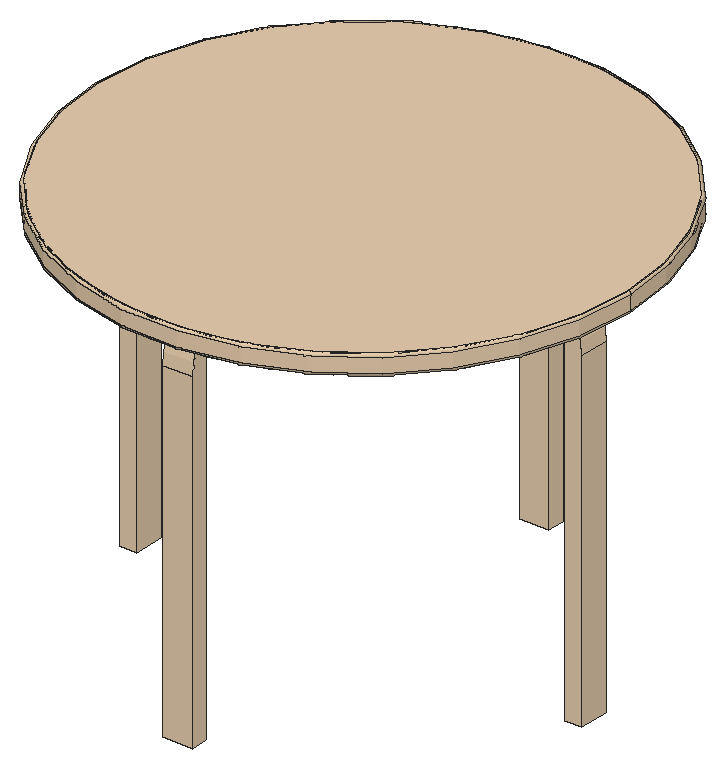
Revit family "Artek_Tables_Aalto Table round_Aalto Table round 90A", category Furniture, Revit 2017
Family settings
  OmniClass Number = 23.40.20.14.17.11
  OmniClass Title = Dining Room Tables
  Work Plane-Based = No
  Always vertical = Yes
  Cut with Voids When Loaded = No
  Shared = No
  Room Calculation Point = No
Parameters (values of type "Aalto Table round 90A Birch")
  WarrantyStartDate [instance] = "n/a"
  WarrantyGuarantorParts = "n/a"
  WarrantyGuarantorLabor = "n/a"
  WarrantyDurationUnit = "n/a"
  WarrantyDurationParts = "n/a"
  WarrantyDurationLabor = "n/a"
  WarrantyDescription = "n/a"
  VersionDate = "03/11/2020"  # constant formula
  Version = "1"  # constant formula
  Uniclass2015Reference = "Pr_40_50_21_22"
  Uniclass2015Description = "Dining tables"
  Uniclass2 = "Pr_40_50_21_21"
  URL = "https://www.artek.fi/en/products/aalto-table-round"
  Type Comments = ""
  TagNumber [instance] = "n/a"
  TableSecondaryMaterial = Natural Birch
  TableMainMaterial = Natural Birch
  SustainabilityPerformance = "n/a"
  Style = "n/a"
  Size = "1000x740x1000 mm "  # constant formula
  Shape = "Sculptured"
  SerialNumber [instance] = "n/a"
  Revision = "n/a"
  ReplacementCost = "n/a"
  ProductInformation = "n/a"
  NominalLength = 1000 mm  # constant formula
  NominalHeight = 740 mm  # constant formula
  NominalDepth = 1000 mm  # constant formula
  Name = "Aalto Table round 90A\r\n"  # constant formula
  NBSReference = "45-35-86/327"
  NBSDescription = "Tables"
  ModelReference = "n/a"
  ModelNumber = "28301781"
  Material = "Wood"
  ManufacturerURL = "https://www.artek.fi/"
  ManufacturerName = "Artek"
  Model = "Aalto Table round 90A Birch"
  Manufacturer = "Artek"
  MainColor = "Natural birch"
  InstallationDate [instance] = "n/a"
  IfcExportType = "TABLE"  # constant formula
  IfcExportAs = "IfcFurnishingElementType"  # constant formula
  Grade = "n/a"
  Finish = "n/a"
  Features = "n/a"
  ExpectedLife = "n/a"
  DurationUnit = "n/a"
  Designer = "Alvar Aalto"
  Description = ""
  Cost = 0
  ConvergoRefNr = "0190-2009-0018-FI\t\t\r\n"  # constant formula
  Constituents = "n/a"
  Color = MainColor  # "Natural birch"
  CodePerformance = "n/a"
  Barcode [instance] = "n/a"
  AssetIdentifier [instance] = "n/a"
  Category = "Tables"
  Brand = "Artek"
  BIMObjectName = "Artek_Tables_Aalto Table round_Aalto Table round 90A"  # constant formula
  Author = "Convergo AB"  # constant formula
  AssetType = "Movable"
  AccessibilityPerformance = "n/a"
Types (7, lengths in mm): name | TableSecondaryMaterial | TableMainMaterial | ModelNumber | Model | MainColor | Color
  (no name) | Natural Birch | Natural Birch | "28301781" | "Aalto Table round 90A Birch" | "Natural birch" | "Natural birch"
  Aalto Table round 90A Birch | Natural Birch | Natural Birch | "28301781" | "Aalto Table round 90A Birch" | "Natural birch" | "Natural birch"
  Aalto Table round 90A White laminate | Natural Birch | White Laminate | "28301782" | "Aalto Table round 90A White laminate" | "Natural birch" | "Natural birch"
  Aalto Table round 90A Black linoleum | Natural Birch | Black Linoleum | "28301783" | "Aalto Table round 90A Black linoleum" | "Natural birch" | "Natural birch"
  Aalto Table round 90A Linoleum Black leg black | Black Linoleum | Black Linoleum | "28301784" | "Aalto Table round 90A Linoleum Black leg black" | "Black" | "Black"
  Aalto Table round 90A White HPL leg white | White Laminate | White Laminate | "28301784" | "Aalto Table round 90A White HPL leg white" | "White" | "White"
  Aalto Table round 90A Walnut | Walnut | Walnut | "28301784" | "Aalto Table round 90A Walnut" | "Walnut" | "Walnut"
Reference planes
  plane 1 "Center (Front/Back)": y = 0
  plane 2: z = 0
  plane 3 "Center (Left/Right)": x = 0
  plane 4: x = -500
  plane 5: x = 500
  plane 6: y = -500
  plane 7: y = 500
  plane 8: z = 740
Dimensions and locks
  equal spacing: plane 4, plane 3 "Center (Left/Right)", plane 5
  "NominalLength": plane 4 to plane 5
  equal spacing: plane 7, plane 1 "Center (Front/Back)", plane 6
  "NominalDepth": plane 7 to plane 6
  "NominalHeight": plane 8 to level
  aligned and locked: level to plane 2
Nested families
  nested 1: "90A" at (0, -0.002, 0), Material 1 <- "TableMainMaterial", Material 2 <- "TableSecondaryMaterial", type "90A"
    with Material 2 Natural Birch, Material 1 Natural Birch
Definition of nested family "90A"
  Parameters (values of type "90A")
    Material 2 [instance] = none
    Material 1 [instance] = none
  Reference planes
    plane 1 "Center (Front/Back)": y = 0
    plane 2: z = 0
    plane 3 "Center (Left/Right)": x = 0
    plane 4: x = -500
    plane 5: x = 500
    plane 6: y = -500
    plane 7: y = 500
    plane 8: z = 740
    plane 9: z = 703
  Forms (mm)
    Extrusion 1, solid, material <- "Material 2", detail levels medium+fine
      sketch origin (0, 0, 0) x (1, 0, 0) y (0, 1, 0)
        loop
          circle (0, 0) r 500
        loop
          circle (0, 0) r 495
      from 703 to 740
    Sweep 2, void
      path in 3D
        loop
          arc (500, 0, 740) -> (0, -500, 740) -> (-500, 0, 740) r 500
          arc (-500, 0, 740) -> (0, 500, 740) -> (500, 0, 740) r 500
      profile origin (0, 500, 740) x (0, 1, 0) y (0, 0, 1)
        loop
          line (0, 0) -> (-5, 0)
          arc (-5, 0) -> (-1.464, -1.464) -> (0, -5) r 5
          line (0, -5) -> (0, 0)
        loop
          line (0, -37) -> (0, -32)
          arc (0, -32) -> (-1.464, -35.536) -> (-5, -37) r 5
          line (-5, -37) -> (0, -37)
    Extrusion 3, solid, material <- "Material 2", detail levels medium+fine
      sketch origin (0, 0, 0) x (1, 0, 0) y (0, 1, 0)
        loop
          circle (0, 0) r 495
      from 703 to 740
    Extrusion 4, solid, material <- "Material 2", detail levels medium+fine
      sketch origin (0, 141.8, 0) x (0, 1, 0) y (0, 0, 1)
        loop
          line (137, 703) -> (137, 675.5) -> (223.8, 675.5)
          arc (223.8, 675.5) -> (236.556, 673.087) -> (247.8, 666.6) r 38.778
          arc (247.8, 666.6) -> (251.484, 662.691) -> (254.1, 658) r 21.794
          arc (254.1, 658) -> (257.016, 648.188) -> (258, 638) r 53.232
          line (258, 638) -> (258, 0) -> (290, 0) -> (290, 620.6)
          arc (290, 620.6) -> (288.01, 643.74) -> (282.1, 666.2) r 135.555
          arc (282.1, 666.2) -> (265.478, 690.328) -> (239.06, 703) r 56.952
          line (239.06, 703) -> (137, 703)
      from -27.5 to 27.5
    Extrusion 5, solid, material <- "Material 2", detail levels medium+fine
      sketch origin (0, -141.8, 0) x (0, -1, 0) y (0, 0, -1)
        loop
          line (137, -703) -> (239.06, -703)
          arc (239.06, -703) -> (265.478, -690.328) -> (282.1, -666.2) r 56.952
          arc (282.1, -666.2) -> (288.01, -643.74) -> (290, -620.6) r 135.555
          line (290, -620.6) -> (290, 0) -> (258, 0) -> (258, -638)
          arc (258, -638) -> (257.016, -648.188) -> (254.1, -658) r 53.232
          arc (254.1, -658) -> (251.484, -662.691) -> (247.8, -666.6) r 21.794
          arc (247.8, -666.6) -> (236.556, -673.087) -> (223.8, -675.5) r 38.778
          line (223.8, -675.5) -> (137, -675.5) -> (137, -703)
      from -27.5 to 27.5
    Extrusion 6, solid, material <- "Material 2", detail levels medium+fine
      sketch origin (-141.8, 0, 0) x (-1, 0, 0) y (0, 0, 1)
        loop
          line (137, 703) -> (137, 675.5) -> (223.8, 675.5)
          arc (223.8, 675.5) -> (236.556, 673.087) -> (247.8, 666.6) r 38.778
          arc (247.8, 666.6) -> (251.484, 662.691) -> (254.1, 658) r 21.794
          arc (254.1, 658) -> (257.016, 648.188) -> (258, 638) r 53.232
          line (258, 638) -> (258, 0) -> (290, 0) -> (290, 620.6)
          arc (290, 620.6) -> (288.01, 643.74) -> (282.1, 666.2) r 135.555
          arc (282.1, 666.2) -> (265.478, 690.328) -> (239.06, 703) r 56.952
          line (239.06, 703) -> (137, 703)
      from -27.5 to 27.5
    Extrusion 7, solid, material <- "Material 2", detail levels medium+fine
      sketch origin (141.8, 0, 0) x (1, 0, 0) y (0, 0, -1)
        loop
          line (137, -703) -> (239.06, -703)
          arc (239.06, -703) -> (265.478, -690.328) -> (282.1, -666.2) r 56.952
          arc (282.1, -666.2) -> (288.01, -643.74) -> (290, -620.6) r 135.555
          line (290, -620.6) -> (290, 0) -> (258, 0) -> (258, -638)
          arc (258, -638) -> (257.016, -648.188) -> (254.1, -658) r 53.232
          arc (254.1, -658) -> (251.484, -662.691) -> (247.8, -666.6) r 21.794
          arc (247.8, -666.6) -> (236.556, -673.087) -> (223.8, -675.5) r 38.778
          line (223.8, -675.5) -> (137, -675.5) -> (137, -703)
      from -27.5 to 27.5
    Extrusion 8, solid, material <- "Material 1", detail levels coarse
      sketch origin (0, 0, 0) x (1, 0, 0) y (0, 1, 0)
        loop
          line (-500, 500) -> (-500, -500) -> (500, -500) -> (500, 500) -> (-500, 500)
      from 0 to 740
  Cuts and joins
    Sweep 2 cuts Extrusion 1
  Lines and regions (mm)
    sketch lines
      curve 1: arc (-500, 0, 740) -> (0, 500, 740) -> (500, 0, 740) r 500
      curve 2: arc (500, 0, 740) -> (0, -500, 740) -> (-500, 0, 740) r 500
    symbolic lines, detail levels medium+fine
      curve 3: circle (0, 0, 0) r 500 normal (0, 0, 1)
      curve 4: line (0, 0, 740) -> (-495, 0, 740)
      curve 5: arc (-495, 0, 740) -> (-498.787, 0, 738.286) -> (-500, 0, 734.311) r 5.042
      curve 6: line (-500, 0, 734.311) -> (-500, 0, 707.311)
      curve 7: arc (-500, 0, 707.311) -> (-498.488, 0, 704.01) -> (-495, 0, 703) r 4.358
      curve 8: line (0, 0, 740) -> (495, 0, 740)
      curve 9: arc (495, 0, 740) -> (498.787, 0, 738.286) -> (500, 0, 734.311) r 5.042
      curve 10: line (500, 0, 734.311) -> (500, 0, 707.311)
      curve 11: arc (500, 0, 707.311) -> (498.488, 0, 704.01) -> (495, 0, 703) r 4.358
      curve 12: line (0, 0, 740) -> (0, 495, 740)
      curve 13: arc (0, 495, 740) -> (0, 498.587, 738.484) -> (0, 500, 734.855) r 5.002
      curve 14: line (0, 500, 734.855) -> (0, 500, 707.855)
      curve 15: arc (0, 500, 707.855) -> (0, 498.527, 704.371) -> (0, 495.001, 703) r 4.857
      curve 16: line (0, 0, 740) -> (0, -495, 740)
      curve 17: arc (0, -495, 740) -> (0, -498.587, 738.484) -> (0, -500, 734.855) r 5.002
      curve 18: line (0, -500, 734.855) -> (0, -500, 707.855)
      curve 19: arc (0, -500, 707.855) -> (0, -498.527, 704.371) -> (0, -495.001, 703) r 4.857
      curve 20: arc (0, 380.86, 703) -> (0, 407.278, 690.328) -> (0, 423.9, 666.2) r 56.952
      curve 21: arc (0, 423.9, 666.2) -> (0, 429.81, 643.74) -> (0, 431.8, 620.6) r 135.555
      curve 22: line (0, 431.8, 620.6) -> (0, 431.8, 0)
      curve 23: line (0, 431.8, 0) -> (0, 399.8, 0)
      curve 24: line (0, 399.8, 0) -> (0, 399.8, 638)
      curve 25: arc (0, 399.8, 638) -> (0, 398.816, 648.188) -> (0, 395.9, 658) r 53.232
      curve 26: arc (0, 395.9, 658) -> (0, 393.284, 662.691) -> (0, 389.6, 666.6) r 21.794
      curve 27: arc (0, 389.6, 666.6) -> (0, 378.356, 673.087) -> (0, 365.6, 675.5) r 38.778
      curve 28: line (0, 365.6, 675.5) -> (0, 278.8, 675.5)
      curve 29: line (0, 278.8, 675.5) -> (0, 278.8, 703)
      curve 31: line (0, 27.5, 0) -> (0, 27.5, 703)
      curve 32: line (0, -27.5, 703) -> (0, -27.5, 0)
      curve 33: line (0, -27.5, 0) -> (0, 27.5, 0)
      curve 35: line (0, -278.8, 675.5) -> (0, -365.6, 675.5)
      curve 36: arc (0, -365.6, 675.5) -> (0, -378.356, 673.087) -> (0, -389.6, 666.6) r 38.778
      curve 37: arc (0, -389.6, 666.6) -> (0, -393.284, 662.691) -> (0, -395.9, 658) r 21.794
      curve 38: arc (0, -395.9, 658) -> (0, -398.816, 648.188) -> (0, -399.8, 638) r 53.232
      curve 39: line (0, -399.8, 638) -> (0, -399.8, 0)
      curve 40: line (0, -399.8, 0) -> (0, -431.8, 0)
      curve 41: line (0, -431.8, 0) -> (0, -431.8, 620.6)
      curve 42: arc (0, -431.8, 620.6) -> (0, -429.81, 643.74) -> (0, -423.9, 666.2) r 135.555
      curve 43: arc (0, -423.9, 666.2) -> (0, -407.278, 690.328) -> (0, -380.86, 703) r 56.952
      curve 45: line (0, -278.8, 703) -> (0, -278.8, 675.5)
      curve 46: line (0, 278.8, 703) -> (0, 27.5, 703)
      curve 47: line (0, -27.5, 703) -> (0, -278.8, 703)
      curve 48: line (0, -380.86, 703) -> (0, -495.001, 703)
      curve 49: line (0, 380.86, 703) -> (0, 495.001, 703)
      curve 50: arc (-380.86, 0, 703) -> (-407.278, 0, 690.328) -> (-423.9, 0, 666.2) r 56.952
      curve 51: arc (-423.9, 0, 666.2) -> (-429.81, 0, 643.74) -> (-431.8, 0, 620.6) r 135.555
      curve 52: line (-431.8, 0, 620.6) -> (-431.8, 0, 0)
      curve 53: line (-431.8, 0, 0) -> (-399.8, 0, 0)
      curve 54: line (-399.8, 0, 0) -> (-399.8, 0, 638)
      curve 55: arc (-399.8, 0, 638) -> (-398.816, 0, 648.188) -> (-395.9, 0, 658) r 53.232
      curve 56: arc (-395.9, 0, 658) -> (-393.284, 0, 662.691) -> (-389.6, 0, 666.6) r 21.794
      curve 57: arc (-389.6, 0, 666.6) -> (-378.356, 0, 673.087) -> (-365.6, 0, 675.5) r 38.778
      curve 58: line (-365.6, 0, 675.5) -> (-278.8, 0, 675.5)
      curve 59: line (-278.8, 0, 675.5) -> (-278.8, 0, 703)
      curve 61: arc (389.6, 0, 666.6) -> (393.284, 0, 662.691) -> (395.9, 0, 658) r 21.794
      curve 62: arc (395.9, 0, 658) -> (398.816, 0, 648.188) -> (399.8, 0, 638) r 53.232
      curve 63: line (399.8, 0, 638) -> (399.8, 0, 0)
      curve 64: line (399.8, 0, 0) -> (431.8, 0, 0)
      curve 65: line (431.8, 0, 0) -> (431.8, 0, 620.6)
      curve 66: arc (431.8, 0, 620.6) -> (429.81, 0, 643.74) -> (423.9, 0, 666.2) r 135.555
      curve 67: arc (423.9, 0, 666.2) -> (407.278, 0, 690.328) -> (380.86, 0, 703) r 56.952
      curve 69: line (278.8, 0, 703) -> (278.8, 0, 675.5)
      curve 70: line (278.8, 0, 675.5) -> (365.6, 0, 675.5)
      curve 71: arc (365.6, 0, 675.5) -> (378.356, 0, 673.087) -> (389.6, 0, 666.6) r 38.778
      curve 72: line (27.5, 0, 0) -> (27.5, 0, 703)
      curve 73: line (-27.5, 0, 703) -> (-27.5, 0, 0)
      curve 74: line (-27.5, 0, 0) -> (27.5, 0, 0)
      curve 76: line (27.5, 0, 703) -> (278.8, 0, 703)
      curve 77: line (380.86, 0, 703) -> (495, 0, 703)
      curve 78: line (-27.5, 0, 703) -> (-278.8, 0, 703)
      curve 79: line (-380.86, 0, 703) -> (-495, 0, 703)
    symbolic lines, detail levels fine
      curve 30: line (0, 278.8, 703) -> (0, 380.86, 703)
      curve 34: line (0, 27.5, 703) -> (0, -27.5, 703)
      curve 44: line (0, -380.86, 703) -> (0, -278.8, 703)
      curve 60: line (-278.8, 0, 703) -> (-380.86, 0, 703)
      curve 68: line (380.86, 0, 703) -> (278.8, 0, 703)
      curve 75: line (-27.5, 0, 703) -> (27.5, 0, 703)
  Dimensions and locks
    equal spacing: plane 4, plane 3 "Center (Left/Right)", plane 5
    equal spacing: plane 6, plane 1 "Center (Front/Back)", plane 7
    plane 7 to plane 6 = 1000 mm
    plane 4 to plane 5 = 1000 mm
    aligned and locked: level to plane 2
  Automatic sketch dimensions
    plane 1 "Center (Front/Back)" to curve 3 = 0 mm
    curve 3 to plane 3 "Center (Left/Right)" = 0 mm
    Extrusion 1 sketch curve to Extrusion 1 sketch curve = 0 mm  (x2)
    plane 1 "Center (Front/Back)" to Extrusion 1 sketch curve = 0 mm
    Extrusion 1 sketch curve to plane 3 "Center (Left/Right)" = 0 mm
    Sweep 2 sketch curve to profile plane = 0 mm  (x3)
    Sweep 2 sketch curve to Sweep 2 sketch curve = 5 mm  (x2)
    Sweep 2 sketch curve to Sweep 2 sketch curve = 27 mm
    plane 1 "Center (Front/Back)" to Extrusion 3 sketch curve = 0 mm
    Extrusion 3 sketch curve to plane 3 "Center (Left/Right)" = 0 mm
    Extrusion 4 sketch curve to level = 0 mm
    Extrusion 4 sketch curve to plane 9 = 0 mm
    Extrusion 4 sketch curve to plane 7 = 221.2 mm
    Extrusion 4 sketch curve to Extrusion 4 sketch curve = 17.445 mm
    Extrusion 4 sketch curve to Extrusion 4 sketch curve = 50.323 mm
    Extrusion 4 sketch curve to Extrusion 4 sketch curve = 18.305 mm
    Extrusion 4 sketch curve to Extrusion 4 sketch curve = 0.727 mm
    Extrusion 4 sketch curve to Extrusion 4 sketch curve = 5.394 mm
    Extrusion 4 sketch curve to Extrusion 4 sketch curve = 5.436 mm
    Extrusion 4 sketch curve to Extrusion 4 sketch curve = 15.26 mm
    Extrusion 4 sketch curve to plane 7 = 100.2 mm
    Extrusion 4 sketch curve to Extrusion 4 sketch curve = 32 mm
    Extrusion 4 sketch curve to plane 9 = 82.4 mm
    Extrusion 4 sketch curve to plane 9 = 66.271 mm
    Extrusion 4 sketch curve to Extrusion 4 sketch curve = 1.271 mm
    Extrusion 4 sketch curve to Extrusion 4 sketch curve = 10.312 mm
    Extrusion 4 sketch curve to Extrusion 4 sketch curve = 2.77 mm
    Extrusion 4 sketch curve to Extrusion 4 sketch curve = 27.5 mm
    Extrusion 4 sketch curve to Extrusion 4 sketch curve = 0 mm
    Extrusion 5 sketch curve to level = 0 mm
    Extrusion 5 sketch curve to plane 9 = 0 mm
    plane 6 to Extrusion 5 sketch curve = 221.2 mm
    Extrusion 5 sketch curve to Extrusion 5 sketch curve = 17.445 mm
    Extrusion 5 sketch curve to Extrusion 5 sketch curve = 50.323 mm
    Extrusion 5 sketch curve to Extrusion 5 sketch curve = 18.305 mm
    Extrusion 5 sketch curve to Extrusion 5 sketch curve = 0.727 mm
    Extrusion 5 sketch curve to Extrusion 5 sketch curve = 5.394 mm
    Extrusion 5 sketch curve to Extrusion 5 sketch curve = 5.436 mm
    Extrusion 5 sketch curve to Extrusion 5 sketch curve = 15.26 mm
    plane 6 to Extrusion 5 sketch curve = 100.2 mm
    Extrusion 5 sketch curve to Extrusion 5 sketch curve = 32 mm
    Extrusion 5 sketch curve to plane 9 = 27.5 mm
    Extrusion 5 sketch curve to Extrusion 5 sketch curve = 25.688 mm
    Extrusion 5 sketch curve to Extrusion 5 sketch curve = 2.77 mm
    Extrusion 5 sketch curve to Extrusion 5 sketch curve = 9.042 mm
    Extrusion 5 sketch curve to Extrusion 5 sketch curve = 10.312 mm
    Extrusion 5 sketch curve to Extrusion 5 sketch curve = 17.4 mm
    Extrusion 5 sketch curve to Extrusion 5 sketch curve = 0 mm
    Extrusion 6 sketch curve to level = 0 mm
    Extrusion 6 sketch curve to plane 9 = 0 mm
    plane 4 to Extrusion 6 sketch curve = 221.2 mm
    Extrusion 6 sketch curve to Extrusion 6 sketch curve = 17.445 mm
    Extrusion 6 sketch curve to Extrusion 6 sketch curve = 50.323 mm
    Extrusion 6 sketch curve to Extrusion 6 sketch curve = 18.305 mm
    Extrusion 6 sketch curve to Extrusion 6 sketch curve = 0.727 mm
    Extrusion 6 sketch curve to Extrusion 6 sketch curve = 5.394 mm
    Extrusion 6 sketch curve to Extrusion 6 sketch curve = 5.436 mm
    Extrusion 6 sketch curve to Extrusion 6 sketch curve = 15.26 mm
    plane 4 to Extrusion 6 sketch curve = 100.2 mm
    Extrusion 6 sketch curve to Extrusion 6 sketch curve = 32 mm
    Extrusion 6 sketch curve to plane 9 = 82.4 mm
    Extrusion 6 sketch curve to plane 9 = 66.271 mm
    Extrusion 6 sketch curve to Extrusion 6 sketch curve = 1.271 mm
    Extrusion 6 sketch curve to Extrusion 6 sketch curve = 10.312 mm
    Extrusion 6 sketch curve to Extrusion 6 sketch curve = 2.77 mm
    Extrusion 6 sketch curve to Extrusion 6 sketch curve = 27.5 mm
    Extrusion 6 sketch curve to Extrusion 6 sketch curve = 0 mm
    Extrusion 7 sketch curve to level = 0 mm
    Extrusion 7 sketch curve to plane 9 = 0 mm
    Extrusion 7 sketch curve to plane 5 = 221.2 mm
    Extrusion 7 sketch curve to Extrusion 7 sketch curve = 17.445 mm
    Extrusion 7 sketch curve to Extrusion 7 sketch curve = 50.323 mm
    Extrusion 7 sketch curve to Extrusion 7 sketch curve = 18.305 mm
    Extrusion 7 sketch curve to Extrusion 7 sketch curve = 0.727 mm
    Extrusion 7 sketch curve to Extrusion 7 sketch curve = 5.394 mm
    Extrusion 7 sketch curve to Extrusion 7 sketch curve = 5.436 mm
    Extrusion 7 sketch curve to Extrusion 7 sketch curve = 15.26 mm
    Extrusion 7 sketch curve to plane 5 = 100.2 mm
    Extrusion 7 sketch curve to Extrusion 7 sketch curve = 32 mm
    Extrusion 7 sketch curve to plane 9 = 27.5 mm
    Extrusion 7 sketch curve to Extrusion 7 sketch curve = 25.688 mm
    Extrusion 7 sketch curve to Extrusion 7 sketch curve = 2.77 mm
    Extrusion 7 sketch curve to Extrusion 7 sketch curve = 9.042 mm
    Extrusion 7 sketch curve to Extrusion 7 sketch curve = 10.312 mm
    Extrusion 7 sketch curve to Extrusion 7 sketch curve = 17.4 mm
    Extrusion 7 sketch curve to Extrusion 7 sketch curve = 0 mm
    curve 19 to plane 6 = 0 mm
    curve 16 to plane 8 = 0 mm
    curve 40 to level = 0 mm
    curve 33 to level = 0 mm
    curve 12 to plane 1 "Center (Front/Back)" = 0 mm
    curve 23 to level = 0 mm
    curve 15 to plane 9 = 0 mm
    curve 14 to plane 7 = 0 mm
    plane 6 to curve 19 = 4.857 mm
    curve 19 to curve 48 = 0.142 mm
    plane 6 to curve 17 = 5 mm
    plane 6 to curve 40 = 68.2 mm
    curve 40 to curve 40 = 32 mm
    curve 38 to curve 44 = 18.94 mm
    curve 38 to curve 37 = 24.098 mm
    curve 37 to curve 43 = 5.436 mm
    curve 37 to curve 35 = 10.102 mm
    curve 43 to curve 36 = 5.394 mm
    curve 36 to curve 38 = 18.305 mm
    curve 38 to curve 42 = 50.323 mm
    curve 42 to curve 47 = 17.445 mm
    plane 1 "Center (Front/Back)" to curve 34 = 27.5 mm
    curve 46 to plane 1 "Center (Front/Back)" = 27.5 mm
    curve 29 to plane 9 = 27.5 mm
    curve 29 to plane 7 = 221.2 mm
    curve 28 to curve 21 = 17.445 mm
    curve 21 to curve 25 = 50.323 mm
    curve 25 to curve 27 = 18.305 mm
    curve 27 to curve 28 = 0.727 mm
    curve 27 to curve 20 = 5.394 mm
    curve 20 to curve 26 = 5.436 mm
    curve 28 to curve 30 = 15.26 mm
    curve 23 to plane 7 = 100.2 mm
    curve 23 to curve 22 = 32 mm
    curve 12 to plane 7 = 5 mm
    plane 9 to curve 15 = 4.855 mm
    curve 15 to curve 14 = 4.857 mm
    curve 41 to plane 9 = 82.4 mm
    curve 21 to curve 28 = 54.9 mm
    curve 27 to curve 27 = 38.771 mm
    curve 36 to plane 9 = 66.271 mm
    curve 27 to curve 25 = 1.271 mm
    curve 36 to curve 39 = 1.271 mm
    curve 36 to curve 43 = 10.312 mm
    curve 27 to curve 20 = 10.312 mm
    curve 20 to curve 26 = 2.77 mm
    curve 43 to curve 37 = 2.77 mm
    curve 45 to curve 44 = 27.5 mm
    curve 14 to plane 8 = 5.145 mm
    curve 18 to plane 8 = 5.145 mm
    curve 37 to curve 38 = 0 mm
    curve 26 to curve 27 = 0 mm
    curve 6 to plane 4 = 0 mm
    curve 4 to plane 8 = 0 mm
    curve 7 to plane 9 = 0 mm
    curve 52 to level = 0 mm
    curve 74 to level = 0 mm
    curve 4 to plane 3 "Center (Left/Right)" = 0 mm
    curve 63 to level = 0 mm
    curve 9 to plane 5 = 0 mm
    plane 9 to curve 7 = 4.311 mm
    plane 4 to curve 7 = 4.358 mm
    plane 4 to curve 5 = 5 mm
    plane 4 to curve 52 = 68.2 mm
    curve 52 to curve 54 = 32 mm
    curve 55 to curve 60 = 18.94 mm
    curve 55 to curve 56 = 24.098 mm
    curve 56 to curve 50 = 5.436 mm
    curve 56 to curve 58 = 10.102 mm
    curve 50 to curve 57 = 5.394 mm
    curve 57 to curve 55 = 18.305 mm
    curve 55 to curve 51 = 50.323 mm
    curve 59 to plane 9 = 27.5 mm
    curve 51 to curve 59 = 17.445 mm
    curve 75 to plane 3 "Center (Left/Right)" = 27.5 mm
    plane 3 "Center (Left/Right)" to curve 75 = 27.5 mm
    curve 70 to plane 9 = 27.5 mm
    curve 70 to plane 5 = 221.2 mm
    curve 69 to curve 66 = 17.445 mm
    curve 66 to curve 62 = 50.323 mm
    curve 62 to curve 71 = 18.305 mm
    curve 71 to curve 70 = 0.727 mm
    curve 71 to curve 67 = 5.394 mm
    curve 67 to curve 61 = 5.436 mm
    curve 70 to curve 77 = 15.26 mm
    curve 63 to plane 5 = 100.2 mm
    curve 63 to curve 65 = 32 mm
    curve 8 to plane 5 = 5 mm
    curve 77 to plane 5 = 5 mm
    plane 9 to curve 11 = 4.311 mm
    curve 65 to plane 9 = 82.4 mm
    curve 52 to plane 9 = 82.4 mm
    curve 57 to curve 57 = 38.771 mm
    curve 71 to curve 70 = 38.771 mm
    curve 71 to curve 62 = 1.271 mm
    curve 57 to curve 55 = 1.271 mm
    curve 71 to curve 67 = 10.312 mm
    curve 57 to curve 50 = 10.312 mm
    curve 67 to curve 61 = 2.77 mm
    curve 50 to curve 56 = 2.77 mm
    curve 6 to plane 8 = 5.689 mm
    curve 10 to plane 8 = 5.689 mm
    curve 56 to curve 55 = 0 mm
    curve 61 to curve 71 = 0 mm
    Extrusion 8 sketch curve to plane 4 = 0 mm
    Extrusion 8 sketch curve to plane 5 = 0 mm
    Extrusion 8 sketch curve to plane 6 = 0 mm
    Extrusion 8 sketch curve to plane 7 = 0 mm
    radius of curve 3 = 500 mm
    radius of Extrusion 1 sketch curve = 500 mm
    radius of Extrusion 1 sketch curve = 495 mm
    radius of Extrusion 3 sketch curve = 495 mm
